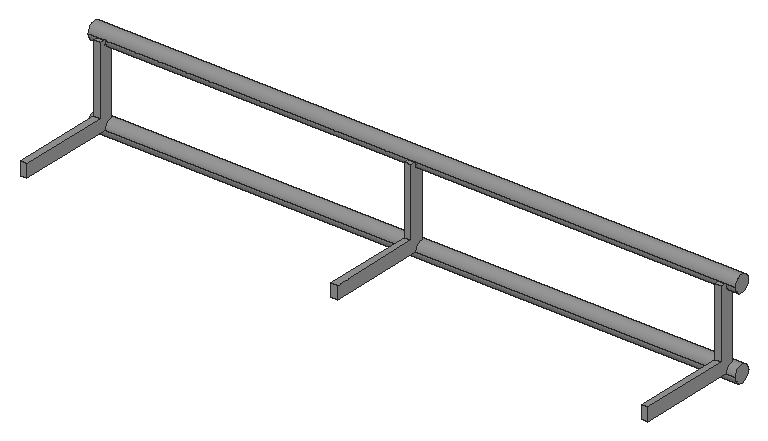
Revit family "АВЛН_Стойка хореографическая", category Мебель, Revit 2019
Family settings
  Номер OmniClass = 23.40.20.00
  Заголовок OmniClass = General Furniture and Specialties
  На основе рабочей плоскости = Нет
  Всегда вертикально = Да
  При загрузке вырезать с полостями = Нет
  Общий = Нет
  Точка расчета площади = Нет
Parameters (values of type "Стойка хореографическая")
  Стойки количество = ADSK_Размер_Длина / 950 mm  # 2
  Описание = "Стойка хореографическая стена-пол двухрядная.\r\nметалл окраш. порошковой окраской.\r\nВысота поручня: 1 ряд – 850мм, 2 ряд 1100мм;\r\nдиаметр стакана: 51 мм\r\nОснование: металлический профиль 40х40 мм\r\nПоручень хореографического станка. Выполнен из\r\nцельного массива твердолиственной древесины\r\nБУКА; габ.2000х48мм"
  М. поручня = Древесина
  М. опоры = Сталь, гальванизированная
  Type Comments = ""
  Keynote = ""
  Изготовитель = "Atlet Sports.ru"
  Группа модели = "Оборудование основных помещений школы"
  ADSK_Размер_Ширина = 350 mm
  ADSK_Размер_Длина = 2000 mm
  ADSK_Размер_Высота = 1000 mm
  ADSK_Обозначение = "Стандарт"
  ADSK_Масса = 0
  ADSK_Код изделия = ""
  ADSK_Единица измерения = "шт"  # constant formula
Reference planes
  plane 1 "По центру (Вперед/Назад)": y = 0
  plane 2: z = 0
  plane 3 "По центру (Влево/Вправо)": x = 0
  plane 4: z = 1000
  plane 5: y = 175
  plane 6: x = 1000
  plane 7: x = -1000
  plane 8: y = -175
Forms (mm)
  Extrusion 1, solid, material "Древесина" <- "М. поручня"
    sketch origin (0, -25, 375) x (0, 1, 0) y (0, 0, 1)
      loop
        circle (175, 600) r 25
    from -1000 to 1000
  Extrusion 2, solid, material "Древесина" <- "М. поручня"
    sketch origin (0, -25, 125) x (0, 1, 0) y (0, 0, 1)
      loop
        circle (175, 600) r 25
    from -1000 to 1000
  Sweep 3, solid, material "Сталь, гальванизированная" <- "М. опоры"
    path origin (960, 0, 400) x (0, 1, 0) y (0, 0, 1)
      loop
        line (150, 575) -> (150, 325) -> (-175, 325)
    profile origin (960, 150, 850) x (1, 0, 0) y (0, 1, 0)
      loop
        line (-970, 0) -> (-970, -40) -> (-950, -40) -> (-950, 0) -> (-970, 0)
  Sweep 4, solid, material "Сталь, гальванизированная" <- "М. опоры"
    path origin (1920, 0, 400) x (0, 1, 0) y (0, 0, 1)
      loop
        line (150, 575) -> (150, 325) -> (-175, 325)
    profile origin (1920, 150, 850) x (1, 0, 0) y (0, 1, 0)
      loop
        line (-970, 0) -> (-970, -40) -> (-950, -40) -> (-950, 0) -> (-970, 0)
  Sweep 5, solid, material "Сталь, гальванизированная" <- "М. опоры"
    path origin (0, 0, 400) x (0, 1, 0) y (0, 0, 1)
      loop
        line (150, 575) -> (150, 325) -> (-175, 325)
    profile origin (0, 150, 850) x (1, 0, 0) y (0, 1, 0)
      loop
        line (-970, 0) -> (-970, -40) -> (-950, -40) -> (-950, 0) -> (-970, 0)
Cuts and joins
  joined: Sweep 3, Sweep 4, Sweep 5
Lines and regions (mm)
  reference lines
    curve 1: line (0, 150, 1050) -> (0, 150, 900)
    curve 2: line (0, 225, 975) -> (0, 75, 975)
    curve 3: line (0, 150, 800) -> (0, 150, 650)
    curve 4: line (0, 225, 725) -> (0, 75, 725)
    curve 5: line (0, 175, 0) -> (0, -175, 0)
Dimensions and locks
  plane 2 to plane 4 = 1000 mm
  equal spacing: plane 8, plane 1 "По центру (Вперед/Назад)", plane 5
  equal spacing: plane 7, plane 3 "По центру (Влево/Вправо)", plane 6
  "ADSK_Размер_Длина": plane 7 to plane 6
  "ADSK_Размер_Ширина": plane 5 to plane 8
  "ADSK_Размер_Высота": plane 2 to plane 4
  curve 4 to curve 2 to plane 4 = 250 mm locked, 25 mm locked
  group 1 to group 2 = 960 mm
  group 1 to group 2 = 0 mm
  group 2 to group 1 = 0 mm
  group 3 to group 1 = 960 mm
  group 1 to group 3 = 0 mm  (x2)
  locked: Sweep 5 to plane 3 "По центру (Влево/Вправо)" at 950
  locked: plane 3 "По центру (Влево/Вправо)" to Sweep 4 at 950
  aligned and locked: level to plane 2
  aligned and locked: curve 2 to Extrusion 1
  aligned and locked: Extrusion 1 to plane 7
  aligned and locked: plane 6 to Extrusion 1
  aligned and locked: curve 2 to plane 3 "По центру (Влево/Вправо)"
  aligned and locked: curve 4 to Extrusion 2
  aligned and locked: Sweep 5 to plane 8
  aligned and locked: Sweep 3 to plane 8
  aligned and locked: Sweep 4 to plane 8
  aligned and locked: curve 2 to Sweep 5
  aligned and locked: curve 2 to Sweep 3
  aligned and locked: curve 2 to Sweep 4
  aligned and locked: curve 5 to level
Automatic sketch dimensions
  Extrusion 1 sketch curve to plane 5 = 25 mm
  plane 4 to Extrusion 1 sketch curve = 25 mm
  Extrusion 2 sketch curve to plane 5 = 25 mm
  plane 4 to Extrusion 2 sketch curve = 275 mm
  Sweep 3 sketch curve to profile plane = 0 mm
  profile plane to Sweep 3 sketch curve = 40 mm
  Sweep 3 sketch curve to Sweep 3 sketch curve = 325 mm
  Sweep 3 sketch curve to Sweep 3 sketch curve = 250 mm
  Sweep 3 sketch curve to profile plane = 970 mm
  Sweep 3 sketch curve to profile plane = 950 mm
  Sweep 4 sketch curve to profile plane = 0 mm
  profile plane to Sweep 4 sketch curve = 40 mm
  Sweep 4 sketch curve to Sweep 4 sketch curve = 325 mm
  Sweep 4 sketch curve to Sweep 4 sketch curve = 250 mm
  Sweep 4 sketch curve to profile plane = 970 mm
  Sweep 4 sketch curve to profile plane = 950 mm
  Sweep 5 sketch curve to profile plane = 0 mm
  profile plane to Sweep 5 sketch curve = 40 mm
  Sweep 5 sketch curve to Sweep 5 sketch curve = 325 mm
  Sweep 5 sketch curve to Sweep 5 sketch curve = 250 mm
  Sweep 5 sketch curve to profile plane = 970 mm
  Sweep 5 sketch curve to profile plane = 950 mm
  curve 5 to plane 8 = 0 mm
  curve 5 to plane 5 = 0 mm
  curve 4 to plane 1 "По центру (Вперед/Назад)" = 75 mm
  curve 2 to plane 1 "По центру (Вперед/Назад)" = 75 mm
  curve 1 to plane 5 = 25 mm
  curve 3 to plane 5 = 25 mm
  plane 5 to curve 2 = 50 mm
  plane 5 to curve 4 = 50 mm
  curve 3 to curve 4 = 75 mm
  curve 4 to curve 3 = 75 mm
  curve 3 to curve 1 = 100 mm
  curve 1 to plane 4 = 50 mm
  radius of Extrusion 1 sketch curve = 25 mm
  radius of Extrusion 2 sketch curve = 25 mm
